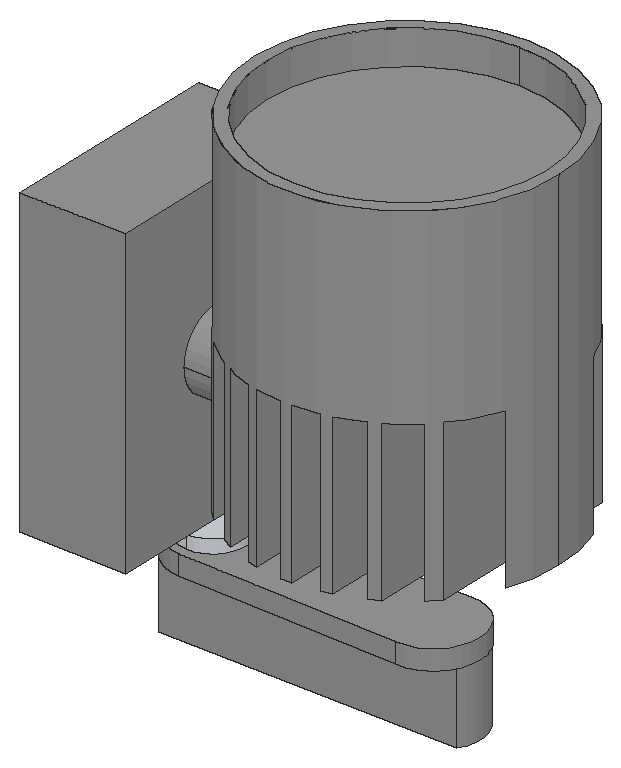
Revit family "2059899 Sylvania Lighting Fixture BEACON XL MUSE Xicato 4K O B DIM LS3 Black", category Lighting Fixtures, host Face, Revit 2016
Family settings
  Host = Face
  Part Type = Normal
  Round Connector Dimension = Use Diameter
  OmniClass Number = 23.80.70.00
  OmniClass Title = Lighting
  Cut with Voids When Loaded = No
  Light Source = Yes
  Shared = No
  Room Calculation Point = No
Parameters (values of type "2059899 BEACON XL MUSE XICATO 4K O/B DIM LS3 BLK")
  ceiling drop = 180 mm
  Weight = "n/a"
  Wattage Comments = ""
  Wattage = 0 W
  WarrantyStartDate [instance] = "n/a"
  WarrantyGuarantorParts = ""
  WarrantyDurationUnit = "http://www.sylvania-lighting.com"
  WarrantyDurationParts = "n/a"
  WarrantyDescription = "0.95"
  built-in parameter 1150110 = 1 (stored number, unit not read)
  Voltage = 0 V
  URL = "\\\\svlondc02\\data\\R&D_Fixtures_General\\Dialux Admin\\Michael H\\Bim\\All ranges Feilo\\not Completed\\Beacon Xicato\\Beacon XL Muse Xicato\\2059899.ies"
  TypeName = "BEACON XL MUSE Xicato 4K O/B DIM LS3 Black"
  Type Image = <None>
  Type Comments = "n/a"
  built-in parameter 1114217 = 1 (stored number, unit not read)
  Tilt Angle = 90.00°
  built-in parameter 1150109 = 1 (stored number, unit not read)
  built-in parameter 1150134 = 3
  built-in parameter 1150113 = 1 (stored number, unit not read)
  SerialNumber [instance] = "n/a"
  Photometric Web File = "2059899.ies"
  Material_3_FEILO = none
  PowerFactor = 0
  PowerConsumption = "0"
  NominalLength = 0 mm
  NominalHeight = 0 mm
  NominalDepth = 0 mm
  Name = "BEACON XL MUSE Xicato 4K O/B DIM LS3 Black"
  ModelReference = Name  # "BEACON XL MUSE Xicato 4K O/B DIM LS3 Black"
  ModelNumber = "2059899"
  Model = Name  # "BEACON XL MUSE Xicato 4K O/B DIM LS3 Black"
  Material = ""
  ManufacturerName = ""
  Manufacturer = ""
  LuminousEfficacy = "100"
  built-in parameter 1150105 = (empty or 0)
  Lumens = 0 lm
  LuminaireType = "681/1697 lm"
  built-in parameter 1150115 = 1 (stored number, unit not read)
  Lighting Material = none
  LightOutputRatio = "3"
  built-in parameter 1150137 = (empty or 0)
  built-in parameter 1150139 = (empty or 0)
  Light = none
  LampsType = Lamp  # "n/a"
  LampNominalLuminous = "LED"
  LampMacAdamStep = "16500"
  LampColourTemperature = "n/a"
  LampColourRenderingIndex = "n/a"
  built-in parameter 1150112 = 1 (stored number, unit not read)
  built-in parameter 1150114 = 1 (stored number, unit not read)
  Lamp = "n/a"
  Keynote = "0"
  InstallationDate [instance] = "n/a"
  InputVoltage = "IP20"
  InputNominalFrequency = "IK02"
  built-in parameter 1150132 = (empty or 0)
  built-in parameter 1150102 = (empty or 0)
  built-in parameter 1150107 = 3200 (stored number, unit not read)
  built-in parameter 1150138 = (empty or 0)
  IngressProtection = ""
  ImpactProtectionIndex = "Class II"
  built-in parameter 1150106 = (empty or 0)
  IfcExportType = "IfcLightFixtureType"
  IfcExportAs = "48"
  ExpectedLife = 50000
  Emit from Circle Diameter = 609.6 mm
  Emit Shape Visible in Rendering = no
  ElectricShockClassification = ""
  built-in parameter 1150104 = 13.8 (stored number, unit not read)
  DurationUnit = "hours"
  Driver Width = 85 mm
  DocumentationLiterature = "http://www.sylvania-lighting.com/product/en-int/products/2059899"
  DimmingControlOptions = "n/a"
  Material_2_FEILO = none
  Dimming Lamp Color Temperature Shift = <None>
  Diameter = 115 mm
  Description = "Integrated LED spotlight with Xicato Artist LED Module, black RAL 9005, unique soft-touch ring, adjustable beam angle from a 10° spot to a 72° flood, compact and minimalist design, ideal for museum, gallery and high-end retail applications, die-cast aluminium body, passive cooling heatsink, beam angle: 10° spot to 72° flood, optics: aspheric glass lens, colour temperature: 4000K neutral white, total system power: 35W, total fixture output: 681/1697lm, luminaire efficacy: 48lm/W, LOR: 100%, super high colour rendering: Ra 97 typical, R9 value at 90, LED Chromacity: 3 step MacAdam ellipse, lifetime: 50,000 hours at 70% of the original output (L70), energy class: A++, A+, A, IR/UV free light source without heat radiation, operating voltage: 220-240V / 50-60Hz, drive current: 1050mA, electronic driver, dimmable via on-board potentiometer, power factor: 0.95, electrical protection: CLASS I, 3-circuit track adaptor, suitable for Concord Lytespan 3 track, ingress protection rating: IP20, suitable for internal use."
  Default Elevation = 115 mm
  CreatedOn = "01/07/2019"
  CreatedBy = "@sylvania-lighting.com"
  Cost = 0
  Color Filter = 16777215
  built-in parameter 1114216 [instance] = (empty or 0)
  ClassificationValue = "EF_70_80"
  ClassificationName = "Uniclass2015"
  Material_1_FEILO = none
  BarCode [instance] = "n/a"
  built-in parameter 1114218 = 1 (stored number, unit not read)
  built-in parameter 1150133 = 10 (stored number, unit not read)
  AssetType = "Fixed"
  AssetIdentifier [instance] = "n/a"
  Assembly Code = "D5020200"
  Apparent Load = 35 VA
  Material_4_FEILO = none
  Adaptor Width = 35 mm
  Adaptor Pivot = 24.952 mm
  Adaptor Inside Width = 16.53 mm
Reference planes
  plane 1 "Center (Front/Back)": y = 0
  plane 2: z = 0
  plane 3 "Center (Left/Right)": x = 0
  plane 4: y = 57.5
  plane 5: y = -57.5
  plane 6: x = -57.5
  plane 7: x = 57.5
  plane 8: z = 180
  plane 9: z = 18
  plane 10: x = -72.5
  plane 11: x = -112.5
  plane 12: z = 133
  plane 13: z = 48
  plane 14: z = 76
  plane 15: y = 42.5
  plane 16: y = -42.5
  plane 17: y = 18.447
  plane 18: y = -16.553
  plane 19: y = 12.476
  plane 20: y = -12.476
  plane 21: y = 8.265
  plane 22: y = -8.265
  plane 23: z = 5.5
Forms (mm)
  Extrusion 1, solid, material "Aluminum", detail levels medium+fine
    sketch origin (0, 0, 0) x (1, 0, 0) y (0, 1, 0)
      loop
        circle (0, 0) r 57.5
    from 48 to 180
  Extrusion 2, solid, material "Aluminum", detail levels medium+fine
    sketch origin (0, 0, 0) x (1, 0, 0) y (0, 1, 0)
      loop
        line (-112.5, 42.5) -> (-112.5, -42.16) -> (-72.5, -42.16) -> (-72.5, 42.5) -> (-112.5, 42.5)
    from 18 to 133
  Extrusion 3, void
    sketch origin (0, 0, 48) x (1, 0, 0) y (0, 1, 0)
      loop
        line (43.7, -85.519) -> (53.7, -85.519) -> (53.7, 68.594) -> (43.7, 68.594) -> (43.7, -85.519)
      loop
        line (39.9, -85.519) -> (39.9, 68.594) -> (29.9, 68.594) -> (29.9, -85.519) -> (39.9, -85.519)
      loop
        line (26.1, -85.519) -> (26.1, 68.594) -> (16.1, 68.594) -> (16.1, -85.519) -> (26.1, -85.519)
      loop
        line (12.3, -85.519) -> (12.3, 68.594) -> (2.3, 68.594) -> (2.3, -85.519) -> (12.3, -85.519)
      loop
        line (-1.5, -85.519) -> (-1.5, 68.594) -> (-11.5, 68.594) -> (-11.5, -85.519) -> (-1.5, -85.519)
      loop
        line (-15.3, -85.519) -> (-15.3, 68.594) -> (-25.3, 68.594) -> (-25.3, -85.519) -> (-15.3, -85.519)
      loop
        line (-29.1, -85.519) -> (-29.1, 68.594) -> (-39.1, 68.594) -> (-39.1, -85.519) -> (-29.1, -85.519)
      loop
        line (-42.9, -85.519) -> (-42.9, 68.594) -> (-52.9, 68.594) -> (-52.9, -85.519) -> (-42.9, -85.519)
    from 0 to 60
  Extrusion 4, solid, material "Aluminum"
    sketch origin (319, 1524, 1219.2) x (0, 1, 0) y (0, 0, 1)
      loop
        circle (-1524, -1143.2) r 15
    from -391.5 to -361.9
  Extrusion 5, solid, detail levels fine
    sketch origin (-0.798, -15.316, 18) x (0, 1, 0) y (1, 0, 0)
      loop
        circle (15.34, -72.5) r 12.5
    from 0 to 5
  Extrusion 6, solid, material "Aluminum", detail levels fine
    sketch origin (-1.795, -27.856, 13) x (-1, 0, 0) y (0, 1, 0)
      loop
        arc (-11.998, 45.379) -> (-29.497, 27.722) -> (-11.683, 10.382) r 17.5
        line (-11.683, 10.382) -> (71.502, 11.879)
        arc (71.502, 11.879) -> (87.502, 27.879) -> (71.502, 43.879) r 16
        line (71.502, 43.879) -> (-11.998, 45.379)
    from 0 to 7.5
  Extrusion 7, void
    sketch origin (0, 0, 180) x (0, 1, 0) y (1, 0, 0)
      loop
        circle (0, 0) r 53
    from 0 to 15
  Extrusion 8, solid, material "Aluminum", detail levels fine
    sketch origin (0, 0, 0) x (1, 0, 0) y (0, 1, 0)
      loop
        arc (-87.012, 8.265) -> (-89.298, 0) -> (-87.012, -8.265) r 16.086
        line (-87.012, -8.265) -> (25.615, -8.265)
        arc (25.615, -8.265) -> (27.702, 0) -> (25.615, 8.265) r 17.405
        line (25.615, 8.265) -> (-87.012, 8.265)
    from -21.5 to 5.5
  Extrusion 9, solid, not visible
    sketch origin (0, 0, 0) x (1, 0, 0) y (0, 1, 0)
      loop
        circle (0, 0) r 57.5
    from 48 to 180
  Extrusion 10, void, not visible
    sketch origin (0, 0, 48) x (1, 0, 0) y (0, 1, 0)
      loop
        line (43.7, -85.519) -> (53.7, -85.519) -> (53.7, 68.594) -> (43.7, 68.594) -> (43.7, -85.519)
      loop
        line (39.9, -85.519) -> (39.9, 68.594) -> (29.9, 68.594) -> (29.9, -85.519) -> (39.9, -85.519)
      loop
        line (26.1, -85.519) -> (26.1, 68.594) -> (16.1, 68.594) -> (16.1, -85.519) -> (26.1, -85.519)
      loop
        line (12.3, -85.519) -> (12.3, 68.594) -> (2.3, 68.594) -> (2.3, -85.519) -> (12.3, -85.519)
      loop
        line (-1.5, -85.519) -> (-1.5, 68.594) -> (-11.5, 68.594) -> (-11.5, -85.519) -> (-1.5, -85.519)
      loop
        line (-15.3, -85.519) -> (-15.3, 68.594) -> (-25.3, 68.594) -> (-25.3, -85.519) -> (-15.3, -85.519)
      loop
        line (-29.1, -85.519) -> (-29.1, 68.594) -> (-39.1, 68.594) -> (-39.1, -85.519) -> (-29.1, -85.519)
      loop
        line (-42.9, -85.519) -> (-42.9, 68.594) -> (-52.9, 68.594) -> (-52.9, -85.519) -> (-42.9, -85.519)
    from 0 to 60
  Extrusion 11, solid, not visible
    sketch origin (319, 1524, 1219.2) x (0, 1, 0) y (0, 0, 1)
      loop
        circle (-1524, -1143.2) r 15
    from -391.5 to -361.9
  Extrusion 12, void, not visible
    sketch origin (0, 0, 180) x (0, 1, 0) y (1, 0, 0)
      loop
        circle (0, 0) r 53
    from 0 to 15
  Extrusion 13, solid, not visible
    sketch origin (0, 0, 0) x (1, 0, 0) y (0, 1, 0)
      loop
        circle (0, 0) r 57.5
    from 48 to 180
  Extrusion 14, solid, not visible
    sketch origin (0, 0, 0) x (1, 0, 0) y (0, 1, 0)
      loop
        line (-112.5, 42.5) -> (-112.5, -42.16) -> (-72.5, -42.16) -> (-72.5, 42.5) -> (-112.5, 42.5)
    from 18 to 133
  Extrusion 15, void, not visible
    sketch origin (0, 0, 48) x (1, 0, 0) y (0, 1, 0)
      loop
        line (43.7, -85.519) -> (53.7, -85.519) -> (53.7, 68.594) -> (43.7, 68.594) -> (43.7, -85.519)
      loop
        line (39.9, -85.519) -> (39.9, 68.594) -> (29.9, 68.594) -> (29.9, -85.519) -> (39.9, -85.519)
      loop
        line (26.1, -85.519) -> (26.1, 68.594) -> (16.1, 68.594) -> (16.1, -85.519) -> (26.1, -85.519)
      loop
        line (12.3, -85.519) -> (12.3, 68.594) -> (2.3, 68.594) -> (2.3, -85.519) -> (12.3, -85.519)
      loop
        line (-1.5, -85.519) -> (-1.5, 68.594) -> (-11.5, 68.594) -> (-11.5, -85.519) -> (-1.5, -85.519)
      loop
        line (-15.3, -85.519) -> (-15.3, 68.594) -> (-25.3, 68.594) -> (-25.3, -85.519) -> (-15.3, -85.519)
      loop
        line (-29.1, -85.519) -> (-29.1, 68.594) -> (-39.1, 68.594) -> (-39.1, -85.519) -> (-29.1, -85.519)
      loop
        line (-42.9, -85.519) -> (-42.9, 68.594) -> (-52.9, 68.594) -> (-52.9, -85.519) -> (-42.9, -85.519)
    from 0 to 60
  Extrusion 16, solid, not visible
    sketch origin (319, 1524, 1219.2) x (0, 1, 0) y (0, 0, 1)
      loop
        circle (-1524, -1143.2) r 15
    from -391.5 to -361.9
  Extrusion 17, void, not visible
    sketch origin (0, 0, 180) x (0, 1, 0) y (1, 0, 0)
      loop
        circle (0, 0) r 53
    from 0 to 15
  Extrusion 18, solid, not visible
    sketch origin (0, 0, 0) x (1, 0, 0) y (0, 1, 0)
      loop
        circle (0, 0) r 57.5
    from 48 to 180
  Extrusion 19, solid, not visible
    sketch origin (0, 0, 0) x (1, 0, 0) y (0, 1, 0)
      loop
        line (-112.5, 42.5) -> (-112.5, -42.16) -> (-72.5, -42.16) -> (-72.5, 42.5) -> (-112.5, 42.5)
    from 18 to 133
  Extrusion 20, void, not visible
    sketch origin (0, 0, 48) x (1, 0, 0) y (0, 1, 0)
      loop
        line (43.7, -85.519) -> (53.7, -85.519) -> (53.7, 68.594) -> (43.7, 68.594) -> (43.7, -85.519)
      loop
        line (39.9, -85.519) -> (39.9, 68.594) -> (29.9, 68.594) -> (29.9, -85.519) -> (39.9, -85.519)
      loop
        line (26.1, -85.519) -> (26.1, 68.594) -> (16.1, 68.594) -> (16.1, -85.519) -> (26.1, -85.519)
      loop
        line (12.3, -85.519) -> (12.3, 68.594) -> (2.3, 68.594) -> (2.3, -85.519) -> (12.3, -85.519)
      loop
        line (-1.5, -85.519) -> (-1.5, 68.594) -> (-11.5, 68.594) -> (-11.5, -85.519) -> (-1.5, -85.519)
      loop
        line (-15.3, -85.519) -> (-15.3, 68.594) -> (-25.3, 68.594) -> (-25.3, -85.519) -> (-15.3, -85.519)
      loop
        line (-29.1, -85.519) -> (-29.1, 68.594) -> (-39.1, 68.594) -> (-39.1, -85.519) -> (-29.1, -85.519)
      loop
        line (-42.9, -85.519) -> (-42.9, 68.594) -> (-52.9, 68.594) -> (-52.9, -85.519) -> (-42.9, -85.519)
    from 0 to 60
  Extrusion 21, solid, not visible
    sketch origin (319, 1524, 1219.2) x (0, 1, 0) y (0, 0, 1)
      loop
        circle (-1524, -1143.2) r 15
    from -391.5 to -361.9
  Extrusion 22, solid, not visible
    sketch origin (-0.798, -15.316, 18) x (0, 1, 0) y (1, 0, 0)
      loop
        circle (15.34, -72.5) r 12.5
    from 0 to 5
  Extrusion 23, solid, not visible
    sketch origin (-1.795, -27.856, 13) x (-1, 0, 0) y (0, 1, 0)
      loop
        arc (-11.998, 45.379) -> (-29.497, 27.722) -> (-11.683, 10.382) r 17.5
        line (-11.683, 10.382) -> (71.502, 11.879)
        arc (71.502, 11.879) -> (87.502, 27.879) -> (71.502, 43.879) r 16
        line (71.502, 43.879) -> (-11.998, 45.379)
    from 0 to 7.5
  Extrusion 24, void, not visible
    sketch origin (0, 0, 180) x (0, 1, 0) y (1, 0, 0)
      loop
        circle (0, 0) r 53
    from 0 to 15
  Extrusion 25, solid, not visible
    sketch origin (0, 0, 0) x (1, 0, 0) y (0, 1, 0)
      loop
        circle (0, 0) r 57.5
    from 48 to 180
  Extrusion 26, solid, not visible
    sketch origin (0, 0, 0) x (1, 0, 0) y (0, 1, 0)
      loop
        line (-112.5, 42.5) -> (-112.5, -42.16) -> (-72.5, -42.16) -> (-72.5, 42.5) -> (-112.5, 42.5)
    from 18 to 133
  Extrusion 27, void, not visible
    sketch origin (0, 0, 48) x (1, 0, 0) y (0, 1, 0)
      loop
        line (43.7, -85.519) -> (53.7, -85.519) -> (53.7, 68.594) -> (43.7, 68.594) -> (43.7, -85.519)
      loop
        line (39.9, -85.519) -> (39.9, 68.594) -> (29.9, 68.594) -> (29.9, -85.519) -> (39.9, -85.519)
      loop
        line (26.1, -85.519) -> (26.1, 68.594) -> (16.1, 68.594) -> (16.1, -85.519) -> (26.1, -85.519)
      loop
        line (12.3, -85.519) -> (12.3, 68.594) -> (2.3, 68.594) -> (2.3, -85.519) -> (12.3, -85.519)
      loop
        line (-1.5, -85.519) -> (-1.5, 68.594) -> (-11.5, 68.594) -> (-11.5, -85.519) -> (-1.5, -85.519)
      loop
        line (-15.3, -85.519) -> (-15.3, 68.594) -> (-25.3, 68.594) -> (-25.3, -85.519) -> (-15.3, -85.519)
      loop
        line (-29.1, -85.519) -> (-29.1, 68.594) -> (-39.1, 68.594) -> (-39.1, -85.519) -> (-29.1, -85.519)
      loop
        line (-42.9, -85.519) -> (-42.9, 68.594) -> (-52.9, 68.594) -> (-52.9, -85.519) -> (-42.9, -85.519)
    from 0 to 60
  Extrusion 28, solid, not visible
    sketch origin (319, 1524, 1219.2) x (0, 1, 0) y (0, 0, 1)
      loop
        circle (-1524, -1143.2) r 15
    from -391.5 to -361.9
  Extrusion 29, solid, not visible
    sketch origin (-0.798, -15.316, 18) x (0, 1, 0) y (1, 0, 0)
      loop
        circle (15.34, -72.5) r 12.5
    from 0 to 5
  Extrusion 30, solid, not visible
    sketch origin (-1.795, -27.856, 13) x (-1, 0, 0) y (0, 1, 0)
      loop
        arc (-11.998, 45.379) -> (-29.497, 27.722) -> (-11.683, 10.382) r 17.5
        line (-11.683, 10.382) -> (71.502, 11.879)
        arc (71.502, 11.879) -> (87.502, 27.879) -> (71.502, 43.879) r 16
        line (71.502, 43.879) -> (-11.998, 45.379)
    from 0 to 7.5
  Extrusion 31, void, not visible
    sketch origin (0, 0, 180) x (0, 1, 0) y (1, 0, 0)
      loop
        circle (0, 0) r 53
    from 0 to 15
  Extrusion 32, solid, not visible
    sketch origin (0, 0, 0) x (1, 0, 0) y (0, 1, 0)
      loop
        arc (-87.012, 8.265) -> (-89.298, 0) -> (-87.012, -8.265) r 16.086
        line (-87.012, -8.265) -> (25.615, -8.265)
        arc (25.615, -8.265) -> (27.702, 0) -> (25.615, 8.265) r 17.405
        line (25.615, 8.265) -> (-87.012, 8.265)
    from -21.5 to 5.5
  Extrusion 33, solid, material "Glass, White, High Luminance", detail levels medium+fine
    sketch origin (0, 0, 165) x (0, 1, 0) y (-1, 0, 0)
      loop
        circle (0, 0) r 53
    from 0 to 2
  Extrusion 34, solid, detail levels coarse
    sketch origin (0, 0, 180) x (1, 0, 0) y (0, 1, 0)
      loop
        line (57.5, 57.5) -> (-112.5, 57.5) -> (-112.5, -57.5) -> (57.5, -57.5) -> (57.5, 57.5)
    from -201.5 to 0
Cuts and joins
  Extrusion 3, Extrusion 7 cuts Extrusion 1
Lines and regions (mm)
  reference lines
    curve 1: line (-73.298, 12.524, 13) -> (-73.298, -12.476, 13)
    curve 2: line (-60.798, -15.316, 13) -> (-85.798, -15.316, 13)
    curve 7: line (0, 53, 165) -> (0, -83.894, 165)
    curve 8: line (-53, 0, 165) -> (73.513, 0, 165)
  reference lines, not visible
    curve 3: line (-73.298, 12.524, 13) -> (-73.298, -12.476, 13)
    curve 4: line (-60.798, -15.316, 13) -> (-85.798, -15.316, 13)
    curve 5: line (-73.298, 12.524, 13) -> (-73.298, -12.476, 13)
    curve 6: line (-60.798, -15.316, 13) -> (-85.798, -15.316, 13)
Dimensions and locks
  "Diameter": plane 6 to plane 7
  equal spacing: plane 6, plane 3 "Center (Left/Right)", plane 7, locked at 57.5 each
  "Diameter": plane 4 to plane 5
  equal spacing: plane 4, plane 1 "Center (Front/Back)", plane 5, locked at 57.5 each
  "ceiling drop": plane 8 to level
  locked: plane 8 to plane 9 at 162
  locked: plane 12 to plane 9 at 115
  "Driver Width": plane 15 to plane 16
  equal spacing: plane 15, plane 1 "Center (Front/Back)", plane 16
  "Adaptor Width": plane 17 to plane 18
  "Adaptor Pivot": plane 19 to plane 20
  equal spacing: plane 19, plane 1 "Center (Front/Back)", plane 20
  "Adaptor Inside Width": plane 21 to plane 22
  equal spacing: plane 21, plane 1 "Center (Front/Back)", plane 22
  aligned and locked: plane 2 to host face
  aligned and locked: level to host face
  aligned and locked: plane 8 to Extrusion 1
Automatic sketch dimensions
  host sketch curve to host sketch curve = 2438.4 mm  (x2)
  Extrusion 3 sketch curve to Extrusion 3 sketch curve = 10 mm  (x8)
  Extrusion 3 sketch curve to Extrusion 3 sketch curve = 3.8 mm  (x7)
  Extrusion 3 sketch curve to Extrusion 3 sketch curve = 0 mm  (x14)
  Extrusion 3 sketch curve to Extrusion 3 sketch curve = 154.113 mm
  Extrusion 6 sketch curve to Extrusion 6 sketch curve = 83.185 mm
  Extrusion 6 sketch curve to Extrusion 6 sketch curve = 0.315 mm
  Extrusion 6 sketch curve to Extrusion 6 sketch curve = 1.5 mm
  Extrusion 6 sketch curve to Extrusion 6 sketch curve = 17.5 mm
  Extrusion 8 sketch curve to Extrusion 8 sketch curve = 15.318 mm
  Extrusion 10 sketch curve to Extrusion 10 sketch curve = 10 mm  (x8)
  Extrusion 10 sketch curve to Extrusion 10 sketch curve = 3.8 mm  (x7)
  Extrusion 10 sketch curve to Extrusion 10 sketch curve = 0 mm  (x14)
  Extrusion 10 sketch curve to Extrusion 10 sketch curve = 154.113 mm
  Extrusion 2 sketch curve to Extrusion 2 sketch curve = 40 mm
  Extrusion 2 sketch curve to Extrusion 2 sketch curve = 84.66 mm
  Extrusion 15 sketch curve to Extrusion 15 sketch curve = 10 mm  (x8)
  Extrusion 15 sketch curve to Extrusion 15 sketch curve = 3.8 mm  (x7)
  Extrusion 15 sketch curve to Extrusion 15 sketch curve = 0 mm  (x14)
  Extrusion 15 sketch curve to Extrusion 15 sketch curve = 154.113 mm
  Extrusion 14 sketch curve to Extrusion 14 sketch curve = 40 mm
  Extrusion 14 sketch curve to Extrusion 14 sketch curve = 84.66 mm
  Extrusion 20 sketch curve to Extrusion 20 sketch curve = 10 mm  (x8)
  Extrusion 20 sketch curve to Extrusion 20 sketch curve = 3.8 mm  (x7)
  Extrusion 20 sketch curve to Extrusion 20 sketch curve = 0 mm  (x14)
  Extrusion 20 sketch curve to Extrusion 20 sketch curve = 154.113 mm
  Extrusion 23 sketch curve to Extrusion 23 sketch curve = 83.185 mm
  Extrusion 23 sketch curve to Extrusion 23 sketch curve = 0.315 mm
  Extrusion 23 sketch curve to Extrusion 23 sketch curve = 1.5 mm
  Extrusion 23 sketch curve to Extrusion 23 sketch curve = 17.5 mm
  Extrusion 19 sketch curve to Extrusion 19 sketch curve = 40 mm
  Extrusion 19 sketch curve to Extrusion 19 sketch curve = 84.66 mm
  Extrusion 8 sketch curve to Extrusion 8 sketch curve = 0 mm  (x2)
  Extrusion 8 sketch curve to Extrusion 8 sketch curve = 13.8 mm
  Extrusion 8 sketch curve to Extrusion 8 sketch curve = 83.509 mm
  Extrusion 8 sketch curve to Extrusion 8 sketch curve = 8.265 mm
  Extrusion 27 sketch curve to Extrusion 27 sketch curve = 10 mm  (x8)
  Extrusion 27 sketch curve to Extrusion 27 sketch curve = 3.8 mm  (x7)
  Extrusion 27 sketch curve to Extrusion 27 sketch curve = 0 mm  (x14)
  Extrusion 27 sketch curve to Extrusion 27 sketch curve = 154.113 mm
  Extrusion 30 sketch curve to Extrusion 30 sketch curve = 83.185 mm
  Extrusion 30 sketch curve to Extrusion 30 sketch curve = 0.315 mm
  Extrusion 30 sketch curve to Extrusion 30 sketch curve = 1.5 mm
  Extrusion 30 sketch curve to Extrusion 30 sketch curve = 17.5 mm
  Extrusion 32 sketch curve to Extrusion 32 sketch curve = 15.318 mm
  Extrusion 26 sketch curve to Extrusion 26 sketch curve = 40 mm
  Extrusion 26 sketch curve to Extrusion 26 sketch curve = 84.66 mm
  Extrusion 32 sketch curve to Extrusion 32 sketch curve = 0 mm  (x2)
  Extrusion 32 sketch curve to Extrusion 32 sketch curve = 13.8 mm
  Extrusion 32 sketch curve to Extrusion 32 sketch curve = 83.509 mm
  Extrusion 32 sketch curve to Extrusion 32 sketch curve = 8.265 mm
  Extrusion 8 sketch curve to plane 21 = 0 mm
  Extrusion 8 sketch curve to plane 10 = 14.512 mm
  Extrusion 2 to Extrusion 5 sketch curve = 0.798 mm
  Extrusion 2 to Extrusion 5 sketch curve = 42.184 mm
  curve 2 to curve 1 = 2.84 mm
  curve 1 to curve 1 = 25 mm
  curve 2 to curve 1 = 12.5 mm
  curve 1 to curve 2 = 12.5 mm
  Extrusion 2 sketch curve to plane 11 = 0 mm
  plane 15 to Extrusion 2 sketch curve = 0 mm
  plane 1 "Center (Front/Back)" to Extrusion 1 sketch curve = 0 mm
  Extrusion 1 sketch curve to plane 3 "Center (Left/Right)" = 0 mm
  Extrusion 4 sketch curve to plane 1 "Center (Front/Back)" = 0 mm
  plane 14 to Extrusion 4 sketch curve = 0 mm
  curve 7 to curve 8 = 83.894 mm
  curve 8 to curve 7 = 53 mm
  curve 8 to curve 7 = 73.513 mm
  curve 7 to curve 8 = 53 mm
  Extrusion 34 sketch curve to Extrusion 34 sketch curve = 170 mm
  Extrusion 34 sketch curve to Extrusion 34 sketch curve = 115 mm
  radius of Extrusion 1 sketch curve = 57.5 mm
  radius of Extrusion 4 sketch curve = 15 mm
  radius of Extrusion 5 sketch curve = 12.5 mm
  radius of Extrusion 5 to Extrusion 6 sketch curve = 3.5 mm
  radius of Extrusion 7 sketch curve = 53 mm
  radius of Extrusion 9 sketch curve = 57.5 mm
  radius of Extrusion 11 sketch curve = 15 mm
  radius of Extrusion 12 sketch curve = 53 mm
  radius of Extrusion 13 sketch curve = 57.5 mm
  radius of Extrusion 16 sketch curve = 15 mm
  radius of Extrusion 17 sketch curve = 53 mm
  radius of Extrusion 18 sketch curve = 57.5 mm
  radius of Extrusion 21 sketch curve = 15 mm
  radius of Extrusion 22 sketch curve = 12.5 mm
  radius of Extrusion 22 to Extrusion 23 sketch curve = 3.5 mm
  radius of Extrusion 24 sketch curve = 53 mm
  radius of Extrusion 25 sketch curve = 57.5 mm
  radius of Extrusion 28 sketch curve = 15 mm
  radius of Extrusion 29 sketch curve = 12.5 mm
  radius of Extrusion 29 to Extrusion 30 sketch curve = 3.5 mm
  radius of Extrusion 31 sketch curve = 53 mm
  radius of Extrusion 33 sketch curve to Extrusion 7 = 0 mm
Connectors
  electrical at (-30.699, 0, -21.5)
    settings: on Extrusion 8, index 1, voltage 0 V, apparent load 0 VA, apparent load phase1 0 VA, apparent load phase2 0 VA, apparent load phase3 0 VA, power factor 1, load classification "Other", number of poles 1, system type 31, power factor state 1, is connector primary yes, connector utility no, sub classification motor no, connector description ""
